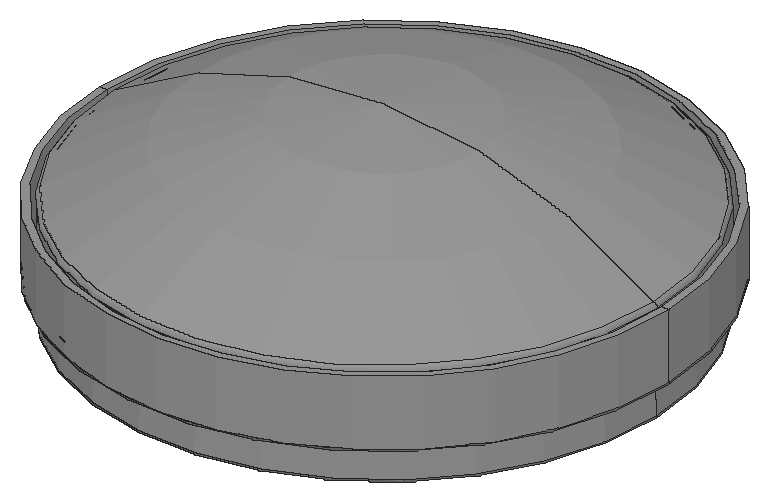
Revit family "3034816 Sylvania Lighting Fixture GIOTTO335 LED G2 4000K SURFACE EMERGENCY", category Lighting Fixtures, host Face, Revit 2016
Family settings
  Host = Face
  Part Type = Normal
  Round Connector Dimension = Use Diameter
  OmniClass Number = 23.80.70.00
  OmniClass Title = Lighting
  Cut with Voids When Loaded = No
  Light Source = Yes
  Shared = No
  Room Calculation Point = No
Parameters (values of type "3034816 GIOTTO335 LED G2 SURFACE 4000K E3")
  Weight = "1.5 kg"
  Wattage Comments = ""
  Wattage = 24 W
  WarrantyStartDate [instance] = "n/a"
  WarrantyGuarantorParts = "n/a"
  WarrantyDurationUnit = "n/a"
  WarrantyDurationParts = "n/a"
  WarrantyDescription = "n/a"
  built-in parameter 1150110 = 1 (stored number, unit not read)
  Voltage = 230 V
  URL = "http://www.sylvania-lighting.com"
  TypeName = "GIOTTO335 LED G2 4000K SURFACE EMERGENCY"
  Type Image = <None>
  Type Comments = "n/a"
  built-in parameter 1114217 = 1 (stored number, unit not read)
  Tilt Angle = -90.00°
  built-in parameter 1150109 = 1 (stored number, unit not read)
  built-in parameter 1150134 = 12
  built-in parameter 1150113 = 1 (stored number, unit not read)
  SerialNumber [instance] = "n/a"
  Photometric Web File = "3034816.ies"
  Material_3_SYL = LED-Sylvania
  PowerFactor = 0
  PowerConsumption = "24 W"
  NominalLength = 335 mm
  NominalHeight = 110 mm
  NominalDepth = 335 mm
  Name = "GIOTTO335 LED G2 4000K SURFACE EMERGENCY"
  ModelReference = Name  # "GIOTTO335 LED G2 4000K SURFACE EMERGENCY"
  ModelNumber = "3034816"
  Model = Name  # "GIOTTO335 LED G2 4000K SURFACE EMERGENCY"
  Material = "polycarbonate housing, polycarbonate diffuser"
  ManufacturerName = "Feilo Sylvania"
  Manufacturer = "Feilo Sylvania"
  LuminousEfficacy = "92 lm/W"
  built-in parameter 1150105 = 677.08 (stored number, unit not read)
  Lumens = 2208 lm
  LuminaireType = ""
  built-in parameter 1150115 = 1 (stored number, unit not read)
  LightOutputRatio = "n/a"
  built-in parameter 1150137 = (empty or 0)
  built-in parameter 1150139 = (empty or 0)
  LampsType = Lamp  # "LED"
  LampNominalLuminous = "2209 lm"
  LampMacAdamStep = "n/a"
  LampColourTemperature = "4000 K"
  LampColourRenderingIndex = "80"
  built-in parameter 1150112 = 1 (stored number, unit not read)
  built-in parameter 1150114 = 1 (stored number, unit not read)
  Lamp = "LED"
  Keynote = "16500"
  InstallationDate [instance] = "n/a"
  InputVoltage = "n/a"
  InputNominalFrequency = "n/a"
  built-in parameter 1150132 = (empty or 0)
  built-in parameter 1150102 = (empty or 0)
  built-in parameter 1150107 = 4000 (stored number, unit not read)
  built-in parameter 1150138 = (empty or 0)
  IngressProtection = "IP44"
  ImpactProtectionIndex = "IK10"
  built-in parameter 1150106 = 6.7708 (stored number, unit not read)
  IfcExportType = "IfcLightFixtureType"
  IfcExportAs = "IfcLightFixtureType"
  Height_SYL = 110 mm
  ExpectedLife = 50000
  Emit from Circle Diameter = 317 mm
  Emit Shape Visible in Rendering = no
  ElectricShockClassification = "Class I"
  built-in parameter 1150104 = 8.5471 (stored number, unit not read)
  DurationUnit = "hours"
  DocumentationLiterature = "http://www.sylvania-lighting.com/product/en-int/products/3034816"
  DimmingControlOptions = "n/a"
  Material_2_SYL = Polycarbonate_Sylvania_Giotto_Opal
  Dimming Lamp Color Temperature Shift = <None>
  DiffuserRadius_SYL = 282.611 mm
  Diameter_SYL = 335 mm
  Description = "Ambient and decorative round, surface mounted LED bulkhead luminaire. White robust polycarbonate body with opal diffuser, 2209 lm, 24W, 92lm/W, 4000K, CRI 80, non-dimmable, integral 3 hour maintained emergency, 50,000 hours lumen maintenance. Drive current: 700mA, IP44, IK10, Class I, 220-240V, Energy class: A++, A+, A."
  Default Elevation = 1219.2 mm
  CreatedOn = "9/13/2018"
  CreatedBy = "@sylvania-lighting.com"
  Cost = 0
  Color Filter = 16777215
  built-in parameter 1114216 [instance] = (empty or 0)
  ClassificationValue = "EF_70_80"
  ClassificationName = "Uniclass2015"
  Material_1_SYL = Polycarbonate_Sylvania_Giotto_White
  BarCode [instance] = "n/a"
  built-in parameter 1114218 = 1 (stored number, unit not read)
  built-in parameter 1150133 = 10 (stored number, unit not read)
  AssetType = "Fixed"
  AssetIdentifier [instance] = "n/a"
  Assembly Code = "D5020200"
  Apparent Load = 24 VA
  Material_4_SYL = none
Types (2, lengths in mm): name | Wattage | Photometric Web File | built-in parameter 1150105 | Lumens | built-in parameter 1150132 | built-in parameter 1150106 | Apparent Load
  3034816 GIOTTO335 LED G2 SURFACE 4000K E3 | 24 W | "3034816.ies" | 677.08 (stored number, unit not read) | 2208 lm | (empty or 0) | 6.7708 (stored number, unit not read) | 24 VA
  3034816 GIOTTO335 LED G2 SURFACE 4000K E3 Emergency mode | 1.34783 W | "3034816EM.ies" | 38.695 (stored number, unit not read) | 124 lm | 2 | 0.38695 (stored number, unit not read) | 1.35 VA
Reference planes
  plane 1 "Center (Front/Back)": y = 0
  plane 2: z = 0
  plane 3 "Center (Left/Right)": x = 0
  plane 4: x = 167.5
  plane 5: x = -167.5
  plane 6: x = -160.5
  plane 7: x = -163.5
  plane 8: z = 110
  plane 9: z = 60
  plane 10: z = 20
  plane 11: z = 25
  plane 12: x = -165.9
  plane 13: z = 21.6
  plane 14: z = 1.6
  plane 15: x = -158.9
  plane 16: z = 19
  plane 17: x = -161.5
  plane 18: z = 26
Forms (mm)
  Revolve 1, solid, material "Polycarbonate_Sylvania_Giotto_White" <- "Material_1_SYL"
    sketch origin (0, 0, 0) x (1, 0, 0) y (0, 0, 1)
      loop
        line (0, 0) -> (0, 26) -> (-158.9, 26) -> (-158.9, 25) -> (-163.5, 25) -> (-163.5, 60) -> (-167.5, 60) -> (-167.5, 21.6)
        arc (-167.5, 21.6) -> (-167.031, 20.469) -> (-165.9, 20) r 1.6
        line (-165.9, 20) -> (-160.5, 20)
        arc (-160.5, 20) -> (-160.193, 19.541) -> (-160.086, 19) r 1.414
        line (-160.086, 19) -> (-160.5, 1.6)
        arc (-160.5, 1.6) -> (-160.031, 0.469) -> (-158.9, 0) r 1.6
        line (-158.9, 0) -> (0, 0)
      axis (0, 60) -> (0, 0)
    angle from 360 to 0
  Revolve 2, solid, material "Polycarbonate_Sylvania_Giotto_Opal" <- "Material_2_SYL"
    sketch origin (0, 0, 0) x (1, 0, 0) y (0, 0, 1)
      loop
        line (-160.5, 25) -> (-158.5, 25) -> (-158.5, 57.891)
        arc (-158.5, 57.891) -> (-158.267, 58.827) -> (-157.623, 59.545) r 2
        arc (-157.623, 59.545) -> (-82.451, 95.612) -> (0, 107.998) r 280.611
        line (0, 107.998) -> (0, 109.998)
        arc (0, 109.998) -> (-83.039, 97.523) -> (-158.747, 61.2) r 282.611
        arc (-158.747, 61.2) -> (-160.035, 59.763) -> (-160.5, 57.891) r 4
        line (-160.5, 57.891) -> (-160.5, 25)
      axis (0, 109.998) -> (0, 25)
    angle from 360 to 0
Dimensions and locks
  equal spacing: plane 4, plane 3 "Center (Left/Right)", plane 5
  "Diameter_SYL": plane 4 to plane 5
  locked: plane 6 to plane 5 at 7
  locked: plane 7 to plane 5 at 4
  "Height_SYL": plane 8 to plane 2
  locked: plane 8 to plane 9 at 50
  locked: plane 9 to plane 10 at 40
  Revolve 1 sketch curve to Revolve 1 sketch curve = 5.4 mm
  locked: plane 11 to plane 10 at 5
  locked: plane 12 to plane 5 at 1.6
  locked: plane 13 to plane 10 at 1.6
  locked: plane 14 to plane 2 at 1.6
  locked: plane 15 to plane 6 at 1.6
  locked: plane 6 to plane 17 at 1
  locked: plane 10 to plane 16 at 1
  locked: plane 18 to plane 11 at 1
  "DiffuserRadius_SYL": radius of Revolve 2 sketch curve
  aligned and locked: plane 2 to host face
  aligned and locked: level to host face
  aligned and locked: Revolve 1 sketch curve to plane 3 "Center (Left/Right)"
  aligned and locked: level to Revolve 1 sketch curve
  aligned and locked: Revolve 1 sketch curve to plane 10
  aligned and locked: plane 9 to Revolve 1 sketch curve
  aligned and locked: Revolve 1 sketch curve to plane 7
  aligned and locked: plane 12 to Revolve 1 sketch curve  (x2)
  aligned and locked: plane 13 to Revolve 1 sketch curve  (x2)
  aligned and locked: plane 17 to Revolve 1 sketch curve
  aligned and locked: plane 16 to Revolve 1 sketch curve  (x2)
  aligned and locked: plane 15 to Revolve 1 sketch curve  (x3)
  aligned and locked: plane 14 to Revolve 1 sketch curve  (x2)
  aligned and locked: Revolve 2 sketch curve to plane 3 "Center (Left/Right)"
  aligned and locked: plane 6 to Revolve 2 sketch curve
  aligned and locked: Revolve 2 sketch curve to Revolve 2 sketch curve
  aligned and locked: plane 3 "Center (Left/Right)" to imposter light
  aligned and locked: imposter light to plane 1 "Center (Front/Back)"
  aligned and locked: plane 18 to Revolve 1 sketch curve
  aligned and locked: plane 11 to Revolve 1 sketch curve
  aligned and locked: plane 11 to Revolve 2 sketch curve
  aligned and locked: plane 3 "Center (Left/Right)" to Revolve 2 sketch curve
  aligned and locked: imposter light to plane 8
Automatic sketch dimensions
  host sketch curve to host sketch curve = 2438.4 mm  (x2)
  Revolve 1 sketch curve to plane 3 "Center (Left/Right)" = 0 mm
  Revolve 1 sketch curve to level = 609.6 mm
  Revolve 1 sketch curve to plane 8 = 2499.058 mm
  Revolve 2 sketch curve to Revolve 2 sketch curve = 0 mm  (x3)
  plane 15 to Revolve 2 sketch curve = 0.4 mm
  Revolve 2 sketch curve to Revolve 2 sketch curve = 2 mm  (x2)
  Revolve 2 sketch curve to level = 172.613 mm
  plane 9 to Revolve 2 sketch curve = 2.109 mm
  Revolve 2 sketch curve to Revolve 2 sketch curve = 436.987 mm
  Revolve 2 sketch curve to plane 8 = 2499.058 mm
Connectors
  electrical at (0, 0, 0), driven by "Apparent Load", driven by "PowerFactor", driven by "Voltage"
    settings: index 1, voltage 230 V, apparent load 24 VA, apparent load phase1 0 VA, apparent load phase2 0 VA, apparent load phase3 0 VA, power factor 0, load classification "Lighting", number of poles 1, system type 30, power factor state 1, is connector primary yes, connector utility no, sub classification motor no, connector description ""
